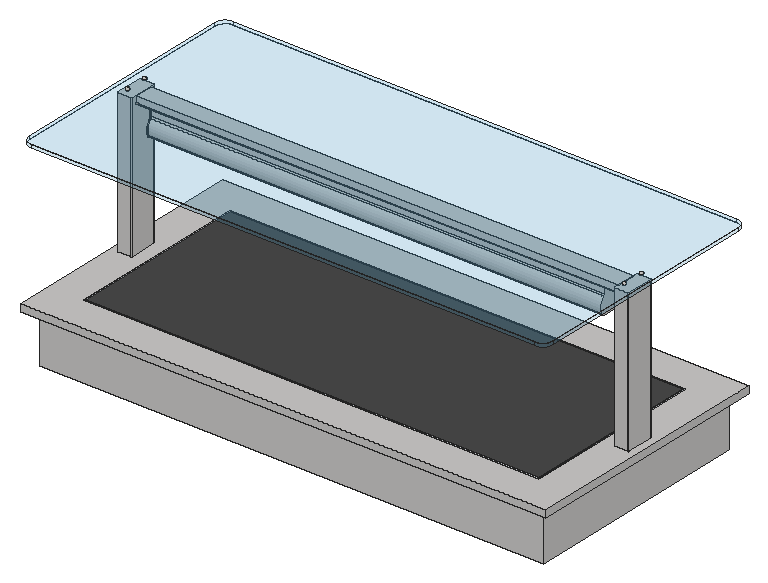
Revit family "QF_FESTIVE_SHD15", category Specialty Equipment, Revit 2020
Family settings
  Round Connector Dimension = Use Diameter
  Part Type = Normal
  Work Plane-Based = No
  Always vertical = Yes
  Cut with Voids When Loaded = No
  Shared = No
  Room Calculation Point = No
Parameters (values of type "SHD15")
  Weight in Pounds = 0
  Watts = if(Phase = 3, Volts * FL Amps * 1.73, Volts * FL Amps)  # 1870 W
  Volts = 220 V
  URL Cutsheet = ""
  Specification by User = ""
  Specification by Manufacturer = ""
  Serial Number = ""
  Seismic Rating = ""
  SMACNA No = ""
  Revision Code = ""
  Phase = 1
  Number of Poles = 1
  NAFEM Spec ID Number = ""
  Model = "SHD15"
  Min Ckt Ampacity = 0 A
  Max Overcurrent Protection = 0 A
  Masterspec = ""
  Manufacturer = "FESTIVE"
  Length = 1480 mm
  Item Number = ""
  Installed By = ""
  Identify Quantity as Lot = yes
  Height = 430 mm
  HP = ""
  Furnished By = ""
  Foodservice Equipment Identifier = yes
  FL Amps = 8.5 A  # constant formula
  Electrical Remarks = ""
  Electric Connection Type = ""
  Elec Conn RI Height = 0 mm
  Elec Conn Connection Height = 0 mm
  Description = "SOMERSET: HOT DECK"
  Depth = 712 mm
  Default Elevation = 0 mm
  Cycle = 50 Hz
  Conn Plug = ""
  Conn Conduit = yes
  CSI MasterFormat = ""
  Apparent Power = if(Phase = 3, Volts * FL Amps * 1.73, Volts * FL Amps)  # 1870 VA
Reference planes
  plane 1 "BACK": y = 0
  plane 2: z = 0
  plane 3 "LEFT": x = 0
  plane 4 "RIGHT": x = 1480
  plane 5 "FRONT": y = -712
  plane 6 "TOP": z = 430
  plane 7 "Center Y": x = 740
  plane 8 "Center X": y = -356
  plane 9: z = -140
  plane 10: x = 60.5
  plane 11: x = 100.5
  plane 12: x = 1379.5
  plane 13: x = 1419.5
Forms (mm)
  Extrusion 1, solid, material "QF_Metal - Stainless - Satin"
    sketch origin (0, 0, 0) x (1, 0, 0) y (0, 1, 0)
      loop
        line (0, 0) -> (0, -712) -> (1480, -712) -> (1480, 0) -> (0, 0)
      loop
        line (99, -98.261) -> (99, -612.261) -> (1381, -612.261) -> (1381, -98.261) -> (99, -98.261)
    from 0 to 20
  Extrusion 2, solid, material "QF_Metal - Stainless - Satin"
    sketch origin (1065, -355.261, -145) x (1, 0, 0) y (0, 1, 0)
      loop
        line (385, -326.739) -> (385, 325.261) -> (-1035, 325.261) -> (-1035, -326.739) -> (385, -326.739)
      loop
        line (-966, -257) -> (316, -257) -> (316, 257) -> (-966, 257) -> (-966, -257)
    from 5 to 145
  Extrusion 3, solid, material "QF_Metal - Stainless - Satin"
    sketch origin (1065, -355.261, 20) x (1, 0, 0) y (0, 1, 0)
      loop
        arc (-1006.5, -40) -> (-1005.086, -39.414) -> (-1004.5, -38) r 2
        line (-1004.5, -38) -> (-1004.5, 38)
        arc (-1004.5, 38) -> (-1005.086, 39.414) -> (-1006.5, 40) r 2
        line (-1006.5, 40) -> (-1042.5, 40)
        arc (-1042.5, 40) -> (-1043.914, 39.414) -> (-1044.5, 38) r 2
        line (-1044.5, 38) -> (-1044.5, -38)
        arc (-1044.5, -38) -> (-1043.914, -39.414) -> (-1042.5, -40) r 2
        line (-1042.5, -40) -> (-1006.5, -40)
      loop
        arc (394.5, 38) -> (393.914, 39.414) -> (392.5, 40) r 2
        line (392.5, 40) -> (356.5, 40)
        arc (356.5, 40) -> (355.086, 39.414) -> (354.5, 38) r 2
        line (354.5, 38) -> (354.5, -38)
        arc (354.5, -38) -> (355.086, -39.414) -> (356.5, -40) r 2
        line (356.5, -40) -> (392.5, -40)
        arc (392.5, -40) -> (393.914, -39.414) -> (394.5, -38) r 2
        line (394.5, -38) -> (394.5, 38)
    from 0 to 400
  Extrusion 4, solid, material "QF_Metal - Stainless - Satin"
    sketch origin (1065, -355.261, -140) x (0, 1, 0) y (1, 0, 0)
      loop
        line (257, -966) -> (257, 316) -> (-257, 316) -> (-257, -966) -> (257, -966)
    from 0 to -35
  Sweep 5, solid
    path origin (0, 0, -90) x (1, 0, 0) y (0, 1, 0)
      loop
        line (1379, -180.315) -> (210.803, -180.315)
        arc (210.803, -180.315) -> (189.59, -189.101) -> (180.803, -210.315) r 30
        line (180.803, -210.315) -> (180.803, -500.123)
        arc (180.803, -500.123) -> (189.59, -521.336) -> (210.803, -530.123) r 30
        line (210.803, -530.123) -> (1379, -530.123)
    profile origin (794.901, -180.315, -90) x (0, -1, 0) y (0, 0, 1)
      loop
        circle (0, 0) r 3.995
  Extrusion 6, solid, material "Glass"
    sketch origin (1065, -355.261, 420) x (1, 0, 0) y (0, 1, 0)
      loop
        arc (-1062.5, -326) -> (-1053.713, -347.213) -> (-1032.5, -356) r 30
        line (-1032.5, -356) -> (382.5, -356)
        arc (382.5, -356) -> (403.713, -347.213) -> (412.5, -326) r 30
        line (412.5, -326) -> (412.5, 324.523)
        arc (412.5, 324.523) -> (403.713, 345.736) -> (382.5, 354.523) r 30
        line (382.5, 354.523) -> (-1032.5, 354.523)
        arc (-1032.5, 354.523) -> (-1053.713, 345.736) -> (-1062.5, 324.523) r 30
        line (-1062.5, 324.523) -> (-1062.5, -326)
    from 0 to 10
  Extrusion 7, solid, material "QF_Metal - Stainless - Satin"
    sketch origin (100.5, -4572, 401.831) x (0, 0, 1) y (0, -1, 0)
      loop
        arc (-66.2, -4250.168) -> (-44.071, -4253.808) -> (-23.897, -4244.015) r 37.05
        arc (-23.897, -4244.015) -> (-21.842, -4242.699) -> (-19.446, -4242.239) r 6.465
        line (-19.446, -4242.239) -> (-1.831, -4242.239) -> (-1.831, -4191.324) -> (-19.446, -4191.324)
        arc (-19.446, -4191.324) -> (-21.842, -4190.863) -> (-23.897, -4189.548) r 6.465
        arc (-23.897, -4189.548) -> (-44.071, -4179.755) -> (-66.2, -4183.394) r 37.05
        arc (-66.2, -4183.394) -> (-70.639, -4187.723) -> (-71.831, -4193.809) r 10.413
        line (-71.831, -4193.809) -> (-71.831, -4241.231)
        arc (-71.831, -4241.231) -> (-70.247, -4246.476) -> (-66.2, -4250.168) r 10.306
    from 0 to 2
  Extrusion 8, solid, material "QF_Metal - Stainless - Satin"
    sketch origin (102.5, -4572, 401.831) x (0, 0, 1) y (0, -1, 0)
      loop
        arc (-66.2, -4250.168) -> (-44.071, -4253.808) -> (-23.897, -4244.015) r 37.05
        arc (-23.897, -4244.015) -> (-21.842, -4242.699) -> (-19.446, -4242.239) r 6.465
        line (-19.446, -4242.239) -> (-1.831, -4242.239) -> (-1.831, -4191.324) -> (-19.446, -4191.324)
        arc (-19.446, -4191.324) -> (-21.842, -4190.863) -> (-23.897, -4189.548) r 6.465
        arc (-23.897, -4189.548) -> (-44.071, -4179.755) -> (-66.2, -4183.394) r 37.05
        arc (-66.2, -4183.394) -> (-70.639, -4187.723) -> (-71.831, -4193.809) r 10.413
        line (-71.831, -4193.809) -> (-71.831, -4241.231)
        arc (-71.831, -4241.231) -> (-70.247, -4246.476) -> (-66.2, -4250.168) r 10.306
    from 0 to 1277
  Extrusion 9, solid, material "QF_Metal - Stainless - Satin"
    sketch origin (0, 0, 0) x (0, 1, 0) y (0, 0, 1)
      loop
        line (-327.761, 420) -> (-382.676, 420) -> (-382.676, 401.831)
        arc (-382.676, 401.831) -> (-382.037, 400.522) -> (-380.676, 400) r 1.989
        line (-380.676, 400) -> (-329.761, 400)
        arc (-329.761, 400) -> (-328.401, 400.522) -> (-327.761, 401.831) r 1.989
        line (-327.761, 401.831) -> (-327.761, 420)
    from 60.5 to 1419.5
  Revolve 10, solid, material "QF_Metal - Stainless - Satin"
    sketch origin (0, -385.237, 2) x (1, 0, 0) y (0, 0, 1)
      loop
        line (36.511, 428) -> (40.467, 428) -> (40.467, 433.967)
        arc (40.467, 433.967) -> (37.67, 432.809) -> (36.511, 430.011) r 3.956
        line (36.511, 430.011) -> (36.511, 428)
      axis (40.467, 428) -> (40.467, 433.967)
    angle from 0 to 360
  Revolve 11, solid, material "QF_Metal - Stainless - Satin"
    sketch origin (0, -325.201, 2) x (1, 0, 0) y (0, 0, -1)
      loop
        line (36.511, -428) -> (36.511, -430.011)
        arc (36.511, -430.011) -> (37.67, -432.809) -> (40.467, -433.967) r 3.956
        line (40.467, -433.967) -> (40.467, -428) -> (36.511, -428)
      axis (40.467, -428) -> (40.467, -433.967)
    angle from 0 to 360
  Revolve 12, solid, material "QF_Metal - Stainless - Satin"
    sketch origin (2130, -385.237, 2) x (-1, 0, 0) y (0, 0, -1)
      loop
        line (686.511, -428) -> (686.511, -430.011)
        arc (686.511, -430.011) -> (687.67, -432.809) -> (690.467, -433.967) r 3.956
        line (690.467, -433.967) -> (690.467, -428) -> (686.511, -428)
      axis (690.467, -428) -> (690.467, -433.967)
    angle from 0 to 360
  Revolve 13, solid, material "QF_Metal - Stainless - Satin"
    sketch origin (2130, -325.201, 2) x (-1, 0, 0) y (0, 0, 1)
      loop
        line (686.511, 428) -> (690.467, 428) -> (690.467, 433.967)
        arc (690.467, 433.967) -> (687.67, 432.809) -> (686.511, 430.011) r 3.956
        line (686.511, 430.011) -> (686.511, 428)
      axis (690.467, 428) -> (690.467, 433.967)
    angle from 0 to 360
  Extrusion 14, solid
    sketch origin (0, 0, 20) x (1, 0, 0) y (0, 1, 0)
      loop
        line (99, -612.261) -> (1381, -612.261) -> (1381, -98.261) -> (99, -98.261) -> (99, -612.261)
      loop
        line (101, -610.261) -> (1379, -610.261) -> (1379, -100.261) -> (101, -100.261) -> (101, -610.261)
    from -5 to 0
  Extrusion 15, solid, material "QF_Plastic - Black - Smooth"
    sketch origin (0, 0, 20) x (1, 0, 0) y (0, 1, 0)
      loop
        line (101, -610.261) -> (1379, -610.261) -> (1379, -100.261) -> (101, -100.261) -> (101, -610.261)
    from -5 to 0
Cuts and joins
  joined: Extrusion 2, Extrusion 4
Lines and regions (mm)
  symbolic lines
    curve 1: arc (32.5, -0.739, 0) -> (11.287, -9.526, 0) -> (2.5, -30.739, 0) r 30
    curve 2: line (2.5, -30.739, 0) -> (2.5, -681.261, 0)
    curve 3: arc (2.5, -681.261, 0) -> (11.287, -702.474, 0) -> (32.5, -711.261, 0) r 30
    curve 4: line (32.5, -711.261, 0) -> (1447.5, -711.261, 0)
    curve 5: arc (1447.5, -711.261, 0) -> (1468.713, -702.474, 0) -> (1477.5, -681.261, 0) r 30
    curve 6: line (1477.5, -681.261, 0) -> (1477.5, -30.739, 0)
    curve 7: arc (1477.5, -30.739, 0) -> (1468.713, -9.526, 0) -> (1447.5, -0.739, 0) r 30
    curve 8: line (1447.5, -0.739, 0) -> (32.5, -0.739, 0)
    curve 9: circle (40.467, -325.131, 0) r 3.956 normal (0, 0, 1)
    curve 10: circle (40.467, -385.166, 0) r 3.956 normal (0, 0, 1)
    curve 11: circle (1439.533, -325.131, 0) r 3.956 normal (0, 0, -1)
    curve 12: circle (1439.533, -385.166, 0) r 3.956 normal (0, 0, -1)
    curve 13: line (1480, 0, 0) -> (0, 0, 0)
    curve 14: line (1480, -712, 0) -> (1480, 0, 0)
    curve 15: line (0, -712, 0) -> (1480, -712, 0)
    curve 16: line (0, 0, 0) -> (0, -712, 0)
Dimensions and locks
  equal spacing: plane 3 "LEFT", plane 7 "Center Y", plane 4 "RIGHT"
  "Length": plane 3 "LEFT" to plane 4 "RIGHT"
  equal spacing: plane 5 "FRONT", plane 8 "Center X", plane 1 "BACK"
  "Depth": plane 5 "FRONT" to plane 1 "BACK"
  "Height": plane 6 "TOP" to level
  plane 1 "BACK" to plane 5 "FRONT" = 712 mm
  plane 2 to plane 9 = 140 mm
  nested 1 to nested 1 = 2.873 mm
  locked: plane 13 to plane 4 "RIGHT" at 60.5
  locked: plane 12 to plane 4 "RIGHT" at 100.5
  aligned and locked: plane 2 to level
  aligned and locked: plane 9 to nested 1
  aligned and locked: Extrusion 9 to plane 13
  aligned and locked: Extrusion 8 to plane 12
  aligned and locked: nested 1 to plane 7 "Center Y"
Automatic sketch dimensions
  curve 16 to plane 3 "LEFT" = 0 mm
  curve 15 to plane 4 "RIGHT" = 0 mm
  plane 5 "FRONT" to curve 15 = 0 mm
  plane 1 "BACK" to curve 13 = 0 mm
  plane 3 "LEFT" to curve 2 = 2.5 mm
  curve 4 to plane 5 "FRONT" = 0.739 mm
  plane 3 "LEFT" to curve 4 = 32.5 mm
  plane 1 "BACK" to curve 8 = 0.739 mm
  plane 3 "LEFT" to curve 8 = 32.5 mm
  plane 3 "LEFT" to curve 10 = 40.467 mm
  plane 3 "LEFT" to curve 9 = 40.467 mm
  plane 4 "RIGHT" to curve 11 = 40.467 mm
  plane 4 "RIGHT" to curve 12 = 40.467 mm
  plane 4 "RIGHT" to curve 8 = 32.5 mm
  plane 4 "RIGHT" to curve 4 = 32.5 mm
  plane 4 "RIGHT" to curve 6 = 2.5 mm
  curve 12 to plane 8 "Center X" = 29.166 mm
  curve 10 to plane 8 "Center X" = 29.166 mm
  plane 8 "Center X" to curve 9 = 30.869 mm
  plane 8 "Center X" to curve 11 = 30.869 mm
  Extrusion 1 sketch curve to plane 3 "LEFT" = 0 mm
  Extrusion 1 sketch curve to plane 4 "RIGHT" = 0 mm
  plane 5 "FRONT" to Extrusion 1 sketch curve = 0 mm
  plane 1 "BACK" to Extrusion 1 sketch curve = 0 mm
  plane 3 "LEFT" to Extrusion 1 sketch curve = 99 mm
  plane 4 "RIGHT" to Extrusion 1 sketch curve = 99 mm
  Extrusion 1 sketch curve to plane 5 "FRONT" = 99.739 mm
  plane 1 "BACK" to Extrusion 1 sketch curve = 98.261 mm
  plane 3 "LEFT" to Extrusion 2 sketch curve = 30 mm
  Extrusion 2 sketch curve to Extrusion 2 sketch curve = 69 mm
  plane 4 "RIGHT" to Extrusion 2 sketch curve = 99 mm
  plane 4 "RIGHT" to Extrusion 2 sketch curve = 30 mm
  Extrusion 2 sketch curve to plane 5 "FRONT" = 30 mm
  Extrusion 2 sketch curve to Extrusion 2 sketch curve = 69.739 mm
  plane 1 "BACK" to Extrusion 2 sketch curve = 98.261 mm
  plane 1 "BACK" to Extrusion 2 sketch curve = 30 mm
  plane 3 "LEFT" to Extrusion 3 sketch curve = 20.5 mm
  Extrusion 3 sketch curve to Extrusion 3 sketch curve = 2 mm  (x6)
  Extrusion 3 sketch curve to Extrusion 3 sketch curve = 36 mm  (x2)
  plane 4 "RIGHT" to Extrusion 3 sketch curve = 60.5 mm
  plane 4 "RIGHT" to Extrusion 3 sketch curve = 22.5 mm  (x2)
  Extrusion 3 sketch curve to plane 8 "Center X" = 39.261 mm  (x2)
  plane 8 "Center X" to Extrusion 3 sketch curve = 38.739 mm  (x2)
  Extrusion 4 sketch curve to Extrusion 2 = 0 mm  (x4)
  plane 3 "LEFT" to Sweep 5 sketch curve = 180.803 mm
  Sweep 5 sketch curve to Sweep 5 sketch curve = 30 mm  (x2)
  Sweep 5 sketch curve to plane 8 "Center X" = 174.123 mm
  plane 8 "Center X" to Sweep 5 sketch curve = 145.685 mm
  plane 4 "RIGHT" to Sweep 5 sketch curve = 101 mm  (x2)
  Sweep 5 sketch curve to profile plane = 0 mm  (x2)
  plane 3 "LEFT" to Extrusion 6 sketch curve = 2.5 mm
  Extrusion 6 sketch curve to Extrusion 6 sketch curve = 30 mm  (x2)
  plane 1 "BACK" to Extrusion 6 sketch curve = 0.739 mm
  plane 4 "RIGHT" to Extrusion 6 sketch curve = 32.5 mm  (x2)
  Extrusion 6 sketch curve to plane 5 "FRONT" = 0.739 mm
  plane 4 "RIGHT" to Extrusion 6 sketch curve = 2.5 mm
  Extrusion 9 sketch curve to plane 8 "Center X" = 26.676 mm
  Extrusion 9 sketch curve to Extrusion 9 sketch curve = 1.982 mm  (x2)
  Extrusion 9 sketch curve to Extrusion 9 sketch curve = 0.018 mm  (x2)
  plane 8 "Center X" to Extrusion 9 sketch curve = 26.239 mm
  Extrusion 9 sketch curve to plane 6 "TOP" = 30 mm
  Extrusion 9 sketch curve to Extrusion 9 sketch curve = 1.831 mm  (x2)
  Extrusion 9 sketch curve to plane 6 "TOP" = 10 mm
  Revolve 10 sketch curve to plane 6 "TOP" = 0 mm
  plane 3 "LEFT" to Revolve 10 sketch curve = 36.511 mm
  Revolve 10 sketch curve to Revolve 10 sketch curve = 3.956 mm
  plane 6 "TOP" to Revolve 10 sketch curve = 2.011 mm
  Revolve 10 sketch curve to Revolve 10 sketch curve = 0 mm  (x2)
  Revolve 10 sketch curve to Revolve 10 sketch curve = 2.434 mm
  Revolve 11 sketch curve to plane 6 "TOP" = 0 mm
  plane 3 "LEFT" to Revolve 11 sketch curve = 36.511 mm
  Revolve 11 sketch curve to Revolve 11 sketch curve = 3.956 mm
  plane 6 "TOP" to Revolve 11 sketch curve = 2.011 mm
  Revolve 11 sketch curve to Revolve 11 sketch curve = 0 mm  (x2)
  Revolve 11 sketch curve to Revolve 11 sketch curve = 2.434 mm
  Revolve 12 sketch curve to plane 6 "TOP" = 0 mm
  plane 4 "RIGHT" to Revolve 12 sketch curve = 36.511 mm
  Revolve 12 sketch curve to Revolve 12 sketch curve = 3.956 mm
  Revolve 12 sketch curve to Revolve 12 sketch curve = 2.011 mm
  Revolve 12 sketch curve to Revolve 12 sketch curve = 0 mm  (x2)
  Revolve 12 sketch curve to Revolve 12 sketch curve = 2.434 mm
  Revolve 13 sketch curve to plane 6 "TOP" = 0 mm
  plane 4 "RIGHT" to Revolve 13 sketch curve = 36.511 mm
  Revolve 13 sketch curve to Revolve 13 sketch curve = 3.956 mm
  Revolve 13 sketch curve to Revolve 13 sketch curve = 2.011 mm
  Revolve 13 sketch curve to Revolve 13 sketch curve = 0 mm  (x2)
  Revolve 13 sketch curve to Revolve 13 sketch curve = 2.434 mm
  Extrusion 14 sketch curve to Extrusion 1 = 0 mm  (x3)
  Extrusion 1 to Extrusion 14 sketch curve = 0 mm
  Extrusion 1 to Extrusion 14 sketch curve = 2 mm  (x4)
  Extrusion 1 to Extrusion 15 sketch curve = 2 mm  (x4)
  Extrusion 7 sketch curve to plane 8 "Center X" = 22.191 mm
  Extrusion 7 sketch curve to plane 6 "TOP" = 100 mm
  Extrusion 7 sketch curve to Extrusion 7 sketch curve = 10.303 mm
  Extrusion 7 sketch curve to Extrusion 7 sketch curve = 10.351 mm
  plane 8 "Center X" to Extrusion 7 sketch curve = 0.419 mm
  Extrusion 7 sketch curve to Extrusion 7 sketch curve = 12.075 mm
  Extrusion 7 sketch curve to Extrusion 7 sketch curve = 0 mm  (x3)
  Extrusion 7 sketch curve to Extrusion 7 sketch curve = 42.082 mm
  Extrusion 7 sketch curve to Extrusion 7 sketch curve = 42.033 mm
  Extrusion 7 sketch curve to Extrusion 7 sketch curve = 17.615 mm
  Extrusion 7 sketch curve to Extrusion 7 sketch curve = 0.725 mm
  plane 8 "Center X" to Extrusion 7 sketch curve = 24.982 mm
  Extrusion 7 sketch curve to Extrusion 7 sketch curve = 0.249 mm
  plane 8 "Center X" to Extrusion 7 sketch curve = 26.239 mm
  Extrusion 7 sketch curve to Extrusion 7 sketch curve = 6.465 mm  (x2)
  Extrusion 7 sketch curve to Extrusion 7 sketch curve = 1.133 mm
  Extrusion 7 sketch curve to plane 8 "Center X" = 24.676 mm
  Extrusion 7 to Extrusion 8 sketch curve = 0 mm
  Extrusion 8 sketch curve to Extrusion 7 = 0 mm
  radius of curve 9 = 3.956 mm
  radius of curve 10 = 3.956 mm
  radius of curve 11 = 3.956 mm
  radius of curve 12 = 3.956 mm
  radius of Sweep 5 sketch curve = 3.995 mm
  radius of Extrusion 8 sketch curve to Extrusion 7 = 0 mm  (x6)
Nested families
  nested 1: "CONTROL1" at (840, -442, -240) x (-1, 0, 0) z (0, 0, 1), type "CONTROL 2"
Connectors
  electrical at (636.8, -342, -196), driven by "Volts", driven by "Watts"
    settings: on nested 1, index 2, voltage 220 V, apparent load 1870 VA, apparent load phase1 0 VA, apparent load phase2 0 VA, apparent load phase3 0 VA, power factor 1, load classification "Other", number of poles 1, system type 30, power factor state 1, is connector primary yes, connector utility no, sub classification motor no, connector description "ELECTRICAL CONNECTION"
Definition of nested family "CONTROL1"
  Parameters (values of type "CONTROL 2")
    Weight in Pounds = 0
    Watts = if(Phase = 3, Volts * FL Amps * 1.73, Volts * FL Amps)  # 0 W
    Volts = 0 V
    URL Cutsheet = ""
    Specification by User = ""
    Specification by Manufacturer = ""
    Serial Number = ""
    Seismic Rating = ""
    SMACNA No = ""
    Revision Code = ""
    Phase = 0
    Number of Poles = 1
    NAFEM Spec ID Number = ""
    Min Ckt Ampacity = 0 A
    Max Overcurrent Protection = 0 A
    Masterspec = ""
    Length = 200 mm
    Item Number = ""
    Installed By = ""
    Identify Quantity as Lot = yes
    Height = 100 mm
    HP = ""
    Furnished By = ""
    Foodservice Equipment Identifier = yes
    FL Amps = 0 A
    Electrical Remarks = ""
    Electric Connection Type = ""
    Elec Conn RI Height = 0 mm
    Elec Conn Connection Height = 0 mm
    Depth = 382 mm  # constant formula
    Default Elevation = 0 mm
    Cycle = 0 Hz
    Conn Plug = ""
    Conn Conduit = yes
    CSI MasterFormat = ""
    Apparent Power = if(Phase = 3, Volts * FL Amps * 1.73, Volts * FL Amps)  # 0 VA
  Reference planes
    plane 1 "BACK": y = 0
    plane 2: z = 0
    plane 3 "LEFT": x = 0
    plane 4 "RIGHT": x = 200
    plane 5 "FRONT": y = -382
    plane 6 "TOP": z = 100
    plane 7 "Center Y": x = 100
    plane 8 "Center X": y = -191
  Forms (mm)
    Extrusion 1, solid
      sketch origin (0, 0, 0) x (0, 1, 0) y (0, 0, 1)
        loop
          line (0, 100) -> (-382, 100) -> (-382, 0) -> (0, 0) -> (0, 100)
      from 0 to 200
    Extrusion 2, solid
      sketch origin (0, -385.163, 100.641) x (0, 0, -1) y (1, 0, 0)
        loop
          line (0.641, 0) -> (84.005, 0) -> (84.005, 200) -> (0.641, 200) -> (0.641, 0)
      from 0 to -3.163
    Extrusion 3, solid
      sketch origin (200, 0, 0) x (0, 1, 0) y (0, 0, 1)
        loop
          circle (-100, 44) r 5
      from 0 to 3.2
    Extrusion 4, solid
      sketch origin (234.495, -385.163, 106.983) x (0, 0, -1) y (1, 0, 0)
        loop
          line (28.109, -81.09) -> (28.109, -101.23) -> (65.314, -101.23) -> (65.314, -81.09) -> (28.109, -81.09)
        loop
          line (30.983, -84.095) -> (30.983, -98.095) -> (62.983, -98.095) -> (62.983, -84.095) -> (30.983, -84.095)
        loop
          line (28.109, -106.09) -> (28.109, -126.23) -> (65.314, -126.23) -> (65.314, -106.09) -> (28.109, -106.09)
        loop
          line (30.983, -109.095) -> (30.983, -123.095) -> (62.983, -123.095) -> (62.983, -109.095) -> (30.983, -109.095)
        loop
          line (29.233, -135.695) -> (29.233, -209.695)
          arc (29.233, -209.695) -> (31.709, -210.63) -> (34.233, -211.428) r 48.156
          line (34.233, -211.428) -> (34.233, -134.051)
          arc (34.233, -134.051) -> (31.711, -134.808) -> (29.233, -135.695) r 50.519
        loop
          line (65.733, -209.695) -> (65.733, -135.695)
          arc (65.733, -135.695) -> (63.254, -134.808) -> (60.733, -134.051) r 50.519
          line (60.733, -134.051) -> (60.733, -211.428)
          arc (60.733, -211.428) -> (63.256, -210.63) -> (65.733, -209.695) r 48.156
      from 0 to 2
    Extrusion 5, solid
      sketch origin (139.146, -385.163, 76) x (0, 0, -1) y (0, 1, 0)
        loop
          line (32, 0) -> (0, 0) -> (0, -2)
          arc (0, -2) -> (12.978, -3.04) -> (25.484, -6.665) r 64.536
          arc (25.484, -6.665) -> (27.464, -6.785) -> (29.117, -5.69) r 3.128
          line (29.117, -5.69) -> (32, -2) -> (32, 0)
      from -2.746 to 11.254
    Extrusion 6, solid
      sketch origin (114.146, -385.163, 76) x (0, 0, -1) y (0, 1, 0)
        loop
          line (32, 0) -> (0, 0) -> (0, -2)
          arc (0, -2) -> (12.978, -3.04) -> (25.484, -6.665) r 64.536
          arc (25.484, -6.665) -> (27.464, -6.785) -> (29.117, -5.69) r 3.128
          line (29.117, -5.69) -> (32, -2) -> (32, 0)
      from -2.746 to 11.254
    Extrusion 7, solid
      sketch origin (234.495, -385.163, 106.983) x (0, 0, -1) y (1, 0, 0)
        loop
          arc (60.733, -134.051) -> (47.483, -132.283) -> (34.233, -134.051) r 50.519
          line (34.233, -134.051) -> (34.233, -211.428)
          arc (34.233, -211.428) -> (47.483, -213.287) -> (60.733, -211.428) r 48.156
          line (60.733, -211.428) -> (60.733, -134.051)
      from 0 to 2
    Extrusion 8, void
      sketch origin (200, 0, 0) x (0, 1, 0) y (0, 0, 1)
        loop
          circle (-133.139, 75.744) r 6
        loop
          circle (-102.677, 75.744) r 10
        loop
          circle (-133.317, 45.46) r 7.401
      from 0 to -3.2
    Extrusion 9, void
      sketch origin (0, 0, 0) x (0, -1, 0) y (0, 0, 1)
        loop
          circle (133.139, 75.744) r 6
        loop
          circle (102.677, 75.744) r 10
        loop
          circle (133.317, 45.46) r 7.401
      from 0 to -3.2
  Cuts and joins
    Extrusion 8, Extrusion 9 cuts Extrusion 1
  Lines and regions (mm)
    symbolic lines
      curve 1: line (0, 0, 0) -> (200, 0, 0)
      curve 2: line (0, -382, 0) -> (0, 0, 0)
      curve 3: line (200, -382, 0) -> (0, -382, 0)
      curve 4: line (200, 0, 0) -> (200, -382, 0)
  Dimensions and locks
    equal spacing: plane 3 "LEFT", plane 7 "Center Y", plane 4 "RIGHT"
    "Length": plane 3 "LEFT" to plane 4 "RIGHT"
    equal spacing: plane 5 "FRONT", plane 8 "Center X", plane 1 "BACK"
    "Depth": plane 5 "FRONT" to plane 1 "BACK"
    "Height": plane 6 "TOP" to level
    plane 4 "RIGHT" to plane 3 "LEFT" = 200 mm
    plane 5 "FRONT" to plane 1 "BACK" = 382 mm
    plane 1 "BACK" to Extrusion 3 sketch curve = 100 mm
    Extrusion 3 sketch curve to level = 44 mm
    aligned and locked: plane 2 to level
  Automatic sketch dimensions
    curve 3 to plane 3 "LEFT" = 0 mm
    curve 3 to plane 4 "RIGHT" = 0 mm
    plane 5 "FRONT" to curve 3 = 0 mm
    plane 1 "BACK" to curve 2 = 0 mm
    Extrusion 1 sketch curve to plane 5 "FRONT" = 0 mm
    Extrusion 1 sketch curve to level = 0 mm
    Extrusion 1 sketch curve to plane 1 "BACK" = 0 mm
    Extrusion 1 sketch curve to plane 6 "TOP" = 0 mm
    plane 4 "RIGHT" to Extrusion 2 sketch curve = 0 mm
    Extrusion 2 sketch curve to plane 6 "TOP" = 0 mm
    Extrusion 2 sketch curve to plane 3 "LEFT" = 0 mm
    level to Extrusion 2 sketch curve = 16.636 mm
    Extrusion 4 sketch curve to Extrusion 4 sketch curve = 0 mm  (x6)
    Extrusion 4 sketch curve to plane 6 "TOP" = 21.127 mm  (x2)
    plane 7 "Center Y" to Extrusion 4 sketch curve = 8.264 mm
    Extrusion 4 sketch curve to plane 6 "TOP" = 22.25 mm
    Extrusion 4 sketch curve to Extrusion 4 sketch curve = 2.873 mm  (x2)
    Extrusion 4 sketch curve to Extrusion 4 sketch curve = 5 mm  (x2)
    Extrusion 4 sketch curve to Extrusion 4 sketch curve = 13.25 mm
    plane 7 "Center Y" to Extrusion 4 sketch curve = 0.443 mm
    Extrusion 4 sketch curve to Extrusion 4 sketch curve = 26.5 mm
    Extrusion 4 sketch curve to Extrusion 4 sketch curve = 2.25 mm
    Extrusion 4 sketch curve to Extrusion 4 sketch curve = 2.331 mm  (x2)
    Extrusion 4 sketch curve to plane 7 "Center Y" = 1.2 mm  (x2)
    plane 3 "LEFT" to Extrusion 4 sketch curve = 24.8 mm  (x2)
    Extrusion 4 sketch curve to Extrusion 4 sketch curve = 1.733 mm
    Extrusion 4 sketch curve to Extrusion 4 sketch curve = 3.136 mm  (x2)
    Extrusion 4 sketch curve to Extrusion 4 sketch curve = 14 mm  (x2)
    Extrusion 4 sketch curve to Extrusion 4 sketch curve = 3.004 mm  (x2)
    Extrusion 4 sketch curve to Extrusion 4 sketch curve = 4.86 mm
    plane 5 "FRONT" to Extrusion 5 sketch curve = 3.163 mm
    Extrusion 5 sketch curve to plane 6 "TOP" = 24 mm
    Extrusion 5 sketch curve to plane 6 "TOP" = 25.358 mm
    plane 5 "FRONT" to Extrusion 5 sketch curve = 6.928 mm
    Extrusion 5 sketch curve to Extrusion 5 sketch curve = 26.653 mm
    plane 5 "FRONT" to Extrusion 5 sketch curve = 8.853 mm
    Extrusion 5 sketch curve to Extrusion 5 sketch curve = 2.465 mm
    Extrusion 5 sketch curve to Extrusion 5 sketch curve = 2.883 mm
    Extrusion 5 sketch curve to Extrusion 5 sketch curve = 66.522 mm
    Extrusion 5 sketch curve to Extrusion 5 sketch curve = 2 mm  (x2)
    plane 5 "FRONT" to Extrusion 6 sketch curve = 3.163 mm
    Extrusion 6 sketch curve to plane 6 "TOP" = 24 mm
    Extrusion 6 sketch curve to plane 6 "TOP" = 25.358 mm
    plane 5 "FRONT" to Extrusion 6 sketch curve = 6.928 mm
    Extrusion 6 sketch curve to Extrusion 6 sketch curve = 26.653 mm
    plane 5 "FRONT" to Extrusion 6 sketch curve = 8.853 mm
    Extrusion 6 sketch curve to Extrusion 6 sketch curve = 2.465 mm
    Extrusion 6 sketch curve to Extrusion 6 sketch curve = 2.883 mm
    Extrusion 6 sketch curve to Extrusion 6 sketch curve = 66.522 mm
    Extrusion 6 sketch curve to Extrusion 6 sketch curve = 2 mm  (x2)
    plane 7 "Center Y" to Extrusion 7 sketch curve = 0.443 mm
    Extrusion 7 sketch curve to plane 6 "TOP" = 27.25 mm
    Extrusion 7 sketch curve to Extrusion 7 sketch curve = 13.25 mm
    Extrusion 7 sketch curve to Extrusion 7 sketch curve = 0 mm
    Extrusion 7 sketch curve to Extrusion 7 sketch curve = 26.5 mm
    Extrusion 7 sketch curve to plane 7 "Center Y" = 30.636 mm
    Extrusion 7 sketch curve to Extrusion 7 sketch curve = 17.671 mm
    plane 3 "LEFT" to Extrusion 7 sketch curve = 23.067 mm
    Extrusion 8 sketch curve to Extrusion 1 = 45.46 mm
    Extrusion 8 sketch curve to Extrusion 1 = 133.317 mm
    Extrusion 8 sketch curve to Extrusion 8 sketch curve = 0.178 mm
    Extrusion 8 sketch curve to Extrusion 8 sketch curve = 30.462 mm
    Extrusion 8 sketch curve to Extrusion 1 = 24.256 mm  (x2)
    plane 8 "Center X" to Extrusion 9 sketch curve = 57.683 mm
    Extrusion 9 sketch curve to Extrusion 9 sketch curve = 0.178 mm
    Extrusion 9 sketch curve to Extrusion 9 sketch curve = 30.462 mm
    level to Extrusion 9 sketch curve = 45.46 mm
    Extrusion 9 sketch curve to plane 6 "TOP" = 24.256 mm  (x2)
    radius of Extrusion 3 sketch curve = 5 mm
    radius of Extrusion 8 sketch curve = 6 mm
    radius of Extrusion 8 sketch curve = 10 mm
    radius of Extrusion 8 sketch curve = 7.401 mm
    radius of Extrusion 9 sketch curve = 6 mm
    radius of Extrusion 9 sketch curve = 10 mm
    radius of Extrusion 9 sketch curve = 7.401 mm
